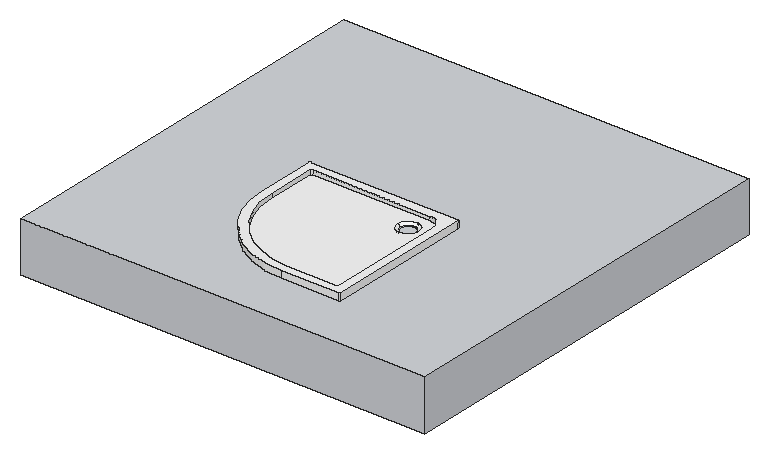
Revit family "IS_ConnectAir_E1051_BIM_DE", category Plumbing Fixtures, host Face, Revit 2014
Parameters (values of type "E105101 - Connect Air quadrant shower tray")
  WarrantyStartDate [instance] = "1900-12-31T23:59:59"
  WarrantyGuarantorParts = "idealstandard.de@idealstandard.com"
  WarrantyGuarantorLabor = "n/a"
  WarrantyDurationUnit = "year"
  WarrantyDurationParts = "n/a"
  WarrantyDurationLabor = "n/a"
  WarrantyDescription = "Manufacturers Warranty"
  VolumeUnits = "Litres"
  Version = "1"
  Uniclass2015Version = "Products v1.1"
  Uniclass2015Title = "Shower trays"
  Uniclass2015Code = "Pr_40_20_06_84"
  URL = "www.idealstandard.com"
  Type Comments = "n/a"
  TagNumber [instance] = "n/a"
  TMV3 = no
  SustainabilityPerformance = "n/a"
  SpareParts = "www.idealstandard.de/ersatzteile"
  Space = "Internal"
  Size = "900x900x40mm"
  ShowerType = "n/a"
  ShowerHeadDescription = "n/a"
  Shape = "Rectangular"
  SerialNumber [instance] = "n/a"
  Revision = "n/a"
  ReplacementCost = "n/a"
  ProductInformation = "www.idealstandard.de/produkte"
  Phone = "+49228 5210"
  NominalWidth = 900 mm
  NominalLength = 900 mm
  NominalHeight = 40 mm
  NettWeight = "13 kg"
  Name = "ShowerTrays_ConnectAir_E105101_IdealStandard"
  NBSTypeID = "n/a"
  NBSReference = "45-35-70/336"
  NBSOfficeMasterTag = "n/a"
  NBSNote = "n/a"
  NBSDescription = "Shower trays"
  NBSCertification = "n/a"
  ModelReference = Description  # "Connect Air quadrant shower tray"
  ModelNumber = Model  # "E105101"
  MaterialThickness = 0 mm
  Material = "Acrylic"
  ManufacturerURL = "www.idealstandard.com"
  LinearUnits = "millimeters"
  Keynote = "n/a"
  InstallationInstructions = "www.idealstandard.de/produkte"
  InstallationDate [instance] = "1900-12-31T23:59:59"
  IfcExportType = "SHOWER"
  IfcExportAs = "IfcSanitaryTerminalType"
  Help = "idealstandard.de@idealstandard.com"
  HasTray = yes
  HWFU = 0
  GrossWeight = "n/a"
  Grade = "n/a"
  Finish = "white"
  Features = "Connect Air quadrant shower tray"
  ExpectedLife = "25"
  DurationUnit = "year"
  DrainSize = 90 mm
  CurrencyUnit = "n/a"
  CreatedOn = "2016-11-09"
  Cost = 0
  Constituents = "n/a"
  ConnectionType = "Plumbing"
  Color = "White"
  CodePerformance = "DIN EN 14527, DIN EN 251, DIN EN 249"
  Category = "SanitaryTerminal_SHOWER"
  Reference = "n/a"
  Model = "E105101"
  Manufacturer = "idealstandard.de@idealstandard.com"
  Description = "Connect Air quadrant shower tray"
  Default Elevation = 0 mm
  CWFU = 0
  Brand = "Ideal Standard"
  BarCode = "5017830518631"
  BIMObjectName = "ISI_IdealStandard_ShowerTrays_ConnectAir_E105101"
  Author = "Ideal Standard GmbH"
  AssetType = "Fixed"
  AssetIdentifier [instance] = "n/a"
  Assembly Code = "C1030200"
  AreaUnits = "millimeters"
  AreaMeasurement = "n/a"
  Accessories = "www.idealstandard.de\\ersatzteile"
  AccessibilityPerformance = "n/a"
Reference planes
  plane 1 "Center (Front/Back)": y = 0
  plane 2: z = 0
  plane 3 "Center (Left/Right)": x = 0
  plane 4: x = 450
  plane 5: y = -900
  plane 6: x = -450
  plane 7: x = 400
  plane 8: y = -50
  plane 9: y = -850
  plane 10: x = -400
  plane 11: z = 40
  plane 12: z = 40
  plane 13: z = 15
  plane 14: x = 280
  plane 15: y = -170
  plane 16: y = -350
  plane 17: x = 100
  plane 18: x = 280
  plane 19: y = -170
Forms (mm)
  Extrusion 1, solid
    sketch origin (0, 0, 0) x (1, 0, 0) y (0, 1, 0)
      loop
        line (-1219.2, 1219.2) -> (-1219.2, -1219.2) -> (1219.2, -1219.2) -> (1219.2, 1219.2) -> (-1219.2, 1219.2)
    from 0 to -304.8
  Extrusion 2, solid, material "IS_RenderMaterial_VitreousChina"
    sketch origin (0, 0, 0) x (1, 0, 0) y (0, 1, 0)
      loop
        arc (-444, 0) -> (-448.243, -1.757) -> (-450, -6) r 6
        line (-450, -6) -> (-450, -350)
        arc (-450, -350) -> (-288.909, -738.909) -> (100, -900) r 550
        line (100, -900) -> (444, -900)
        arc (444, -900) -> (448.243, -898.243) -> (450, -894) r 6
        line (450, -894) -> (450, -6)
        arc (450, -6) -> (448.243, -1.757) -> (444, 0) r 6
        line (444, 0) -> (-444, 0)
    from 0 to 40
  Extrusion 3, void
    sketch origin (0, -885.862, 15) x (-1, 0, 0) y (0, 1, 0)
      loop
        line (390, 835.862) -> (-310, 835.862)
        arc (-310, 835.862) -> (-373.64, 809.501) -> (-400, 745.862) r 90
        line (-400, 745.862) -> (-400, 45.862)
        arc (-400, 45.862) -> (-397.071, 38.791) -> (-390, 35.862) r 10
        line (-390, 35.862) -> (-100, 35.862)
        arc (-100, 35.862) -> (253.553, 182.308) -> (400, 535.862) r 500
        line (400, 535.862) -> (400, 825.862)
        arc (400, 825.862) -> (397.071, 832.933) -> (390, 835.862) r 10
    from 0 to -25
  Revolve 4, void
    sketch origin (202.904, -170, 1219.2) x (-1, 0, 0) y (0, 0, 1)
      loop
        line (-77.096, -1204.2) -> (-77.096, -1219.2) -> (-32.096, -1219.2) -> (-32.096, -1216.179) -> (-15.075, -1204.2) -> (-77.096, -1204.2)
      loop
        line (-21.019, -1219.2) -> (7.632, -1219.2) -> (-1.718, -1212.653) -> (-11.718, -1212.653) -> (-21.019, -1219.2)
      axis (-77.096, -1204.2) -> (-77.096, -1219.2)
    angle from 0 to 360
Cuts and joins
  Extrusion 3, Revolve 4 cuts Extrusion 2
Dimensions and locks
  "NominalWidth": plane 6 to plane 4
  "NominalHeight": plane 12 to Extrusion 1
  "NominalLength": plane 1 "Center (Front/Back)" to plane 5
  aligned and locked: plane 2 to Extrusion 1
  aligned and locked: level to Extrusion 1
  aligned and locked: plane 1 "Center (Front/Back)" to Extrusion 2 sketch curve
  aligned and locked: Extrusion 2 sketch curve to plane 6
  aligned and locked: Extrusion 2 sketch curve to plane 5
  aligned and locked: Extrusion 2 sketch curve to plane 4
  aligned and locked: Extrusion 2 to plane 12
  aligned and locked: Extrusion 2 to Extrusion 3
Automatic sketch dimensions
  Extrusion 1 sketch curve to Extrusion 1 sketch curve = 2438.4 mm  (x2)
  Extrusion 2 sketch curve to Extrusion 2 sketch curve = 6 mm  (x2)
  plane 3 "Center (Left/Right)" to Extrusion 2 sketch curve = 100 mm
  Extrusion 2 sketch curve to plane 4 = 6 mm
  Extrusion 3 sketch curve to plane 7 = 0 mm
  plane 9 to Extrusion 3 sketch curve = 0 mm
  plane 8 to Extrusion 3 sketch curve = 0 mm
  Extrusion 3 sketch curve to plane 17 = 0 mm
  Extrusion 3 sketch curve to plane 10 = 0 mm
  Extrusion 3 sketch curve to plane 7 = 10 mm
  plane 14 to Extrusion 3 sketch curve = 30 mm
  plane 8 to Extrusion 3 sketch curve = 10 mm
  Revolve 4 sketch curve to plane 13 = 0 mm
  Revolve 4 sketch curve to plane 18 = 0 mm  (x2)
  Revolve 4 sketch curve to level = 0 mm  (x2)
  Revolve 4 sketch curve to plane 12 = 0 mm
  level to Revolve 4 sketch curve = 3.021 mm
  Revolve 4 sketch curve to plane 18 = 45 mm
  Revolve 4 sketch curve to Revolve 4 sketch curve = 11.077 mm
  Revolve 4 sketch curve to Revolve 4 sketch curve = 5.944 mm
  level to Revolve 4 sketch curve = 6.547 mm
  Revolve 4 sketch curve to Revolve 4 sketch curve = 3.358 mm
  Revolve 4 sketch curve to Revolve 4 sketch curve = 10 mm
  Revolve 4 sketch curve to Revolve 4 sketch curve = 9.349 mm
  Revolve 4 sketch curve to level = 10 mm
Connectors
  piping at (280, -170, 0), diameter 90
    settings: on cut or joined group of Extrusion 2, Extrusion 3, Revolve 4, index 1, connector inside diameter 24", connector length 0 mm, flow factor 0, pipe flow 0 GPM, pressure drop 0.00 psi, fitting loss kfactor 0, connector angle 0.00°, fixture units 0, engagement length 0 mm, angle of deflection 0.00°, flow configuration 2, flow direction 2, fitting loss method 0, system type 16, joint type 0, gender type 0, connector reference index -1, connector utility 0, adjustable connector no, is connector primary yes, connector description ""
